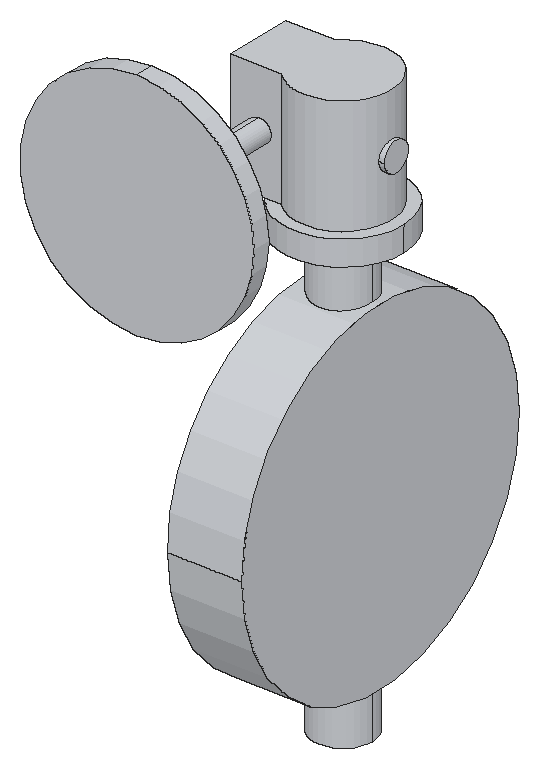
Revit family "HS497-68_disk-nerez_převodové kolo DN500-RFA_2018", category Pipe Accessories, Revit 2018
Family settings
  Round Connector Dimension = Use Diameter
  Part Type = Valve - Breaks Into
  Work Plane-Based = No
  Always vertical = Yes
  Cut with Voids When Loaded = No
  Shared = No
Parameters (values of type "HS 497-68_DN500_PN10_převodové kolo")
  magiProductId = "7647804f32e94cef828a7034a91a46"
  magiProductFamilyId = "53cea81e6f374d17b8841d9c72ad77"
  magiPartTypeId = 305
  isMeasuringValve [instance] = no
  ang2D [instance] = 0.00°
  X11 = 143.397 mm
  X1 = 59.397 mm
  W2D = 1000 mm
  VersionID = "2.0/2017.9.26.1/ZETKAMA_497_001"
  Use Minimum Symbol Size [instance] = yes
  URL = "http://www.hydronic.cz"
  Type Comments = "mezipřírubová; nerezový disk; PN10; -10~+110°C (krátkodobě +120°C)"
  SW30 = yes
  SW3 = yes
  SW21 = no
  SW20 = no
  SW2 = no
  SW1 = no
  R = 250 mm
  QmdConnectorList = "301;D;302;D"
  Productdata [instance] = ""
  NC = 91.5 mm
  Manufacturer = "Zetkama"
  MM20 = 59.397 mm
  MC Product Code = "126 500 (nerezový disk, s převodovým kolem; DN500; PN10, kvs23805)"
  M41 = 144.75 mm
  M4 = 96.5 mm
  LHL = 220 mm
  LHH3 = 2.45 mm
  LHH1 = 46.55 mm
  LH1 = 73.333 mm
  L4R__ve = -L4R  # -32.1 mm
  L4R = 32.1 mm
  L42__ve = -L42  # -240.75 mm
  L42 = 240.75 mm
  L41__ve = -L41  # -48.15 mm
  L41 = 48.15 mm
  L2D_Min = 3048 mm
  L2D = 216 mm
  L2 = 63.5 mm
  L1 = 101.6 mm
  L = 127 mm
  H = 38 mm
  G22 = 11.25 mm
  G2 = 22.5 mm
  G1 = 90 mm
  G = 210 mm
  F = 36 mm
  E44 = 100 mm
  E42 = 200 mm
  E4 = 400 mm
  E23 = 4.9 mm
  E22 = 19.6 mm
  E21 = 9.8 mm
  Description = "Mezipřírubová uzavírací klapka s převodovým kolem; nerezový disk, DN500; PN10; kvs23805"
  DR2 = 250 mm
  DR = 593 mm
  DD1 = 50 mm
  DD = 40 mm
  D = 500 mm
  CAT0 = yes
  B2__ve = -B2  # -130 mm
  B2 = 130 mm
  A2 = 43.25 mm
  A1 = 139.25 mm
Types (43, lengths in mm): name | magiProductId | X11 | X1 | Type Comments | SW30 | SW3 | SW20 | SW2 | SW1 | R | NC | Manufacturer | MM20 | MC Product Code | M41 | M4 | LHL | LHH3 | LHH1 | LH1 | L4R__ve | L4R | L42__ve | L42 | L41__ve | L41 | L2 | L1 | L | H | G | F | E44 | E42 | E4 | E23 | E22 | E21 | Description | DR2 | DR | DD1 | DD | D | B2__ve | B2 | A2 | A1
  HS 497-68_DN100_PN16_volné vřeteno | "65d1b245f4f142c78569c0602d5754" | 61.456 | 25.456 | "mezipřírubová; nerezový disk; PN16; -10~+110°C (krátkodobě +120°C)" | no | no | no | no | yes | 50 | 50 | "Hydronic Systems Prague s.r.o." | 25.456 | "124 100 (nerezový disk, s volným vřetenem; DN100; PN16, kvs512)" | 66 | 44 | 220 | 2.45 | 46.55 | 73.333 | -12.8 | 12.8 | -96 | 96 | -19.2 | 19.2 | 26 | 41.6 | 52 | 30 | 90 | 11 | 31.25 | 62.5 | 125 | 4.9 | 19.6 | 9.8 | "Mezipřírubová uzavírací klapka s volným vřetenem; nerezový disk, DN100; PN16; kvs512" | 50 | 147 | 15.625 | 12.5 | 100 | -56 | 56 | 16.5 | 98.5
  HS 497-68_DN100_PN16_převodové kolo | "11e91b807e674d428c8e796fcdcfe2" | 61.456 | 25.456 | "mezipřírubová; nerezový disk; PN16; -10~+110°C (krátkodobě +120°C)" | yes | yes | no | no | no | 50 | 50 | "Hydronic Systems Prague s.r.o." | 25.456 | "126 100 (nerezový disk, s převodovým kolem; DN100; PN16, kvs512)" | 65.25 | 43.5 | 220 | 2.45 | 46.55 | 73.333 | -12.8 | 12.8 | -96 | 96 | -19.2 | 19.2 | 26 | 41.6 | 52 | 30 | 90 | 11 | 31.25 | 62.5 | 125 | 4.9 | 19.6 | 9.8 | "Mezipřírubová uzavírací klapka s převodovým kolem; nerezový disk, DN100; PN16; kvs512" | 50 | 147 | 15.625 | 12.5 | 100 | -56 | 56 | 16.5 | 98.5
  HS 497-68_DN100_PN16_s pákou | "28172f0b3f4b47b28323ac71cf8749" | 61.456 | 25.456 | "mezipřírubová; nerezový disk; PN16; -10~+110°C (krátkodobě +120°C)" | no | no | yes | yes | no | 50 | 50 | "Hydronic Systems Prague s.r.o." | 25.456 | "121 100 (nerezový disk, s pákou; DN100; PN16, kvs512)" | 66 | 44 | 260 | 3 | 57 | 86.667 | -12.8 | 12.8 | -96 | 96 | -19.2 | 19.2 | 26 | 41.6 | 52 | 30 | 90 | 11 | 31.25 | 62.5 | 125 | 6 | 24 | 12 | "Mezipřírubová uzavírací klapka s pákou; nerezový disk, DN100; PN16; kvs512" | 50 | 147 | 15.625 | 12.5 | 100 | -56 | 56 | 16.5 | 98.5
  HS 497-68_DN125_PN16_volné vřeteno | "0d813d910fc14f628bb3c2efbd185c" | 61.456 | 25.456 | "mezipřírubová; nerezový disk; PN16; -10~+110°C (krátkodobě +120°C)" | no | no | no | no | yes | 62.5 | 50 | "Hydronic Systems Prague s.r.o." | 25.456 | "124 125 (nerezový disk, s volným vřetenem; DN125; PN16, kvs872)" | 66 | 44 | 220 | 2.45 | 46.55 | 73.333 | -12.8 | 12.8 | -96 | 96 | -19.2 | 19.2 | 28 | 44.8 | 56 | 33 | 90 | 14 | 31.25 | 62.5 | 125 | 4.9 | 19.6 | 9.8 | "Mezipřírubová uzavírací klapka s volným vřetenem; nerezový disk, DN125; PN16; kvs872" | 62.5 | 180 | 15.625 | 12.5 | 125 | -64 | 64 | 18 | 99.5
  HS 497-68_DN125_PN16_převodové kolo | "c56b7c13f372467684996fb1e0e229" | 61.456 | 25.456 | "mezipřírubová; nerezový disk; PN16; -10~+110°C (krátkodobě +120°C)" | yes | yes | no | no | no | 62.5 | 50 | "Hydronic Systems Prague s.r.o." | 25.456 | "126125 (nerezový disk, s převodovým kolem; DN125; PN16, kvs872)" | 65.25 | 43.5 | 220 | 2.45 | 46.55 | 73.333 | -13.5 | 13.5 | -101.25 | 101.25 | -20.25 | 20.25 | 28 | 44.8 | 56 | 33 | 90 | 14 | 40 | 80 | 160 | 4.9 | 19.6 | 9.8 | "Mezipřírubová uzavírací klapka s převodovým kolem; nerezový disk, DN125; PN16; kvs872" | 62.5 | 180 | 20 | 16 | 125 | -64 | 64 | 18 | 99.5
  HS 497-68_DN125_PN16_s pákou | "105993c79a91492399feef7931321a" | 61.456 | 25.456 | "mezipřírubová; nerezový disk; PN16; -10~+110°C (krátkodobě +120°C)" | no | no | yes | yes | no | 62.5 | 50 | "Hydronic Systems Prague s.r.o." | 25.456 | "121 125 (nerezový disk, s pákou; DN125; PN16, kvs872)" | 66 | 44 | 315 | 3.75 | 71.25 | 105 | -12.8 | 12.8 | -96 | 96 | -19.2 | 19.2 | 28 | 44.8 | 56 | 33 | 90 | 14 | 31.25 | 62.5 | 125 | 7.5 | 30 | 15 | "Mezipřírubová uzavírací klapka s pákou; nerezový disk, DN125; PN16; kvs872" | 62.5 | 180 | 15.625 | 12.5 | 125 | -64 | 64 | 18 | 99.5
  HS 497-68_DN150_PN16_volné vřeteno | "50c80cb8ab434f55ab7796e5ac1331" | 61.456 | 25.456 | "mezipřírubová; nerezový disk; PN16; -10~+110°C (krátkodobě +120°C)" | no | no | no | no | yes | 75 | 50 | "Hydronic Systems Prague s.r.o." | 25.456 | "124 150 (nerezový disk, s volným vřetenem; DN150; PN16, kvs1347)" | 66 | 44 | 220 | 2.45 | 46.55 | 73.333 | -12.8 | 12.8 | -96 | 96 | -19.2 | 19.2 | 28 | 44.8 | 56 | 33 | 90 | 14 | 31.25 | 62.5 | 125 | 4.9 | 19.6 | 9.8 | "Mezipřírubová uzavírací klapka s volným vřetenem; nerezový disk, DN150; PN16; kvs1347" | 75 | 206 | 15.625 | 12.5 | 150 | -58 | 58 | 19.3 | 98.7
  HS 497-68_DN150_PN16_převodové kolo | "d94a1a0cf83b476eb10011b327f709" | 61.456 | 25.456 | "mezipřírubová; nerezový disk; PN16; -10~+110°C (krátkodobě +120°C)" | yes | yes | no | no | no | 75 | 50 | "Hydronic Systems Prague s.r.o." | 25.456 | "126 150 (nerezový disk, s převodovým kolem; DN150; PN16, kvs1347)" | 65.25 | 43.5 | 220 | 2.45 | 46.55 | 73.333 | -13.5 | 13.5 | -101.25 | 101.25 | -20.25 | 20.25 | 28 | 44.8 | 56 | 33 | 90 | 14 | 40 | 80 | 160 | 4.9 | 19.6 | 9.8 | "Mezipřírubová uzavírací klapka s převodovým kolem; nerezový disk, DN150; PN16; kvs1347" | 75 | 206 | 20 | 16 | 150 | -58 | 58 | 19.3 | 98.7
  HS 497-68_DN150_PN16_s pákou | "4d2835523fe84828bc50ff0a5a0dfb" | 61.456 | 25.456 | "mezipřírubová; nerezový disk; PN16; -10~+110°C (krátkodobě +120°C)" | no | no | yes | yes | no | 75 | 50 | "Hydronic Systems Prague s.r.o." | 25.456 | "121 150 (nerezový disk, s pákou; DN150; PN16, kvs1347)" | 66 | 44 | 315 | 3.75 | 71.25 | 105 | -12.8 | 12.8 | -96 | 96 | -19.2 | 19.2 | 28 | 44.8 | 56 | 33 | 90 | 14 | 31.25 | 62.5 | 125 | 7.5 | 30 | 15 | "Mezipřírubová uzavírací klapka s pákou; nerezový disk, DN150; PN16; kvs1347" | 75 | 206 | 15.625 | 12.5 | 150 | -58 | 58 | 19.3 | 98.7
  HS 497-68_DN200_PN16_volné vřeteno | "5b29029eaeba47139ee1055a4b9201" | 61.456 | 25.456 | "mezipřírubová; nerezový disk; PN16; -10~+110°C (krátkodobě +120°C)" | no | no | no | no | yes | 100 | 50 | "Hydronic Systems Prague s.r.o." | 25.456 | "124 200 (nerezový disk, s volným vřetenem; DN200; PN16, kvs2675)" | 66 | 44 | 220 | 2.45 | 46.55 | 73.333 | -12.8 | 12.8 | -96 | 96 | -19.2 | 19.2 | 30 | 48 | 60 | 33 | 90 | 17 | 31.25 | 62.5 | 125 | 4.9 | 19.6 | 9.8 | "Mezipřírubová uzavírací klapka s volným vřetenem; nerezový disk, DN200; PN16; kvs2675" | 100 | 257 | 15.625 | 12.5 | 200 | -70 | 70 | 22.5 | 102.5
  HS 497-68_DN200_PN16_převodové kolo | "b2793cc1fcc44cf2a35062cd67c04f" | 61.456 | 25.456 | "mezipřírubová; nerezový disk; PN16; -10~+110°C (krátkodobě +120°C)" | yes | yes | no | no | no | 100 | 57 | "Hydronic Systems Prague s.r.o." | 25.456 | "126 200 (nerezový disk, s převodovým kolem; DN200; PN16, kvs2675)" | 78.75 | 52.5 | 220 | 2.45 | 46.55 | 73.333 | -15.2 | 15.2 | -114 | 114 | -22.8 | 22.8 | 30 | 48 | 60 | 33 | 90 | 17 | 50 | 100 | 200 | 4.9 | 19.6 | 9.8 | "Mezipřírubová uzavírací klapka s převodovým kolem; nerezový disk, DN200; PN16; kvs2675" | 100 | 257 | 25 | 20 | 200 | -70 | 70 | 22.5 | 102.5
  HS 497-68_DN200_PN16_s pákou | "f88d96c7af224537a51e72d7d8fffe" | 61.456 | 25.456 | "mezipřírubová; nerezový disk; PN16; -10~+110°C (krátkodobě +120°C)" | no | no | yes | yes | no | 100 | 50 | "Hydronic Systems Prague s.r.o." | 25.456 | "121 200 (nerezový disk, s pákou; DN200; PN16, kvs2675)" | 66 | 44 | 315 | 3.75 | 71.25 | 105 | -12.8 | 12.8 | -96 | 96 | -19.2 | 19.2 | 30 | 48 | 60 | 33 | 90 | 17 | 31.25 | 62.5 | 125 | 7.5 | 30 | 15 | "Mezipřírubová uzavírací klapka s pákou; nerezový disk, DN200; PN16; kvs2675" | 100 | 257 | 15.625 | 12.5 | 200 | -70 | 70 | 22.5 | 102.5
  HS 497-68_DN250_PN16_volné vřeteno | "b662e8305ca2402b9c510e66e6aa55" | 88.77 | 36.77 | "mezipřírubová; nerezový disk; PN16; -10~+110°C (krátkodobě +120°C)" | no | no | no | no | yes | 125 | 50 | "Hydronic Systems Prague s.r.o." | 36.77 | "124 250 (nerezový disk, s volným vřetenem; DN250; PN16, kvs4555)" | 66 | 44 | 220 | 2.45 | 46.55 | 73.333 | -12.8 | 12.8 | -96 | 96 | -19.2 | 19.2 | 34 | 54.4 | 68 | 23 | 130 | 22 | 31.25 | 62.5 | 125 | 4.9 | 19.6 | 9.8 | "Mezipřírubová uzavírací klapka s volným vřetenem; nerezový disk, DN250; PN16; kvs4555" | 125 | 324 | 15.625 | 12.5 | 250 | -85 | 85 | 28.25 | 129.25
  HS 497-68_DN250_PN16_převodové kolo | "5ee9016806664ddfaa2632711f295c" | 88.77 | 36.77 | "mezipřírubová; nerezový disk; PN16; -10~+110°C (krátkodobě +120°C)" | yes | yes | no | no | no | 125 | 70 | "Hydronic Systems Prague s.r.o." | 36.77 | "126 250 (nerezový disk, s převodovým kolem; DN250; PN16, kvs4555)" | 91.5 | 61 | 220 | 2.45 | 46.55 | 73.333 | -22.2 | 22.2 | -166.5 | 166.5 | -33.3 | 33.3 | 34 | 54.4 | 68 | 23 | 130 | 22 | 62.5 | 125 | 250 | 4.9 | 19.6 | 9.8 | "Mezipřírubová uzavírací klapka s převodovým kolem; nerezový disk, DN250; PN16; kvs4555" | 125 | 324 | 31.25 | 25 | 250 | -85 | 85 | 28.25 | 129.25
  HS 497-68_DN300_PN16_volné vřeteno | "e1886f51ff004380a649519258edf2" | 88.77 | 36.77 | "mezipřírubová; nerezový disk; PN16; -10~+110°C (krátkodobě +120°C)" | no | no | no | no | yes | 150 | 50 | "Hydronic Systems Prague s.r.o." | 36.77 | "124 300 (nerezový disk, s volným vřetenem; DN300; PN16, kvs7037)" | 66 | 44 | 220 | 2.45 | 46.55 | 73.333 | -12.8 | 12.8 | -96 | 96 | -19.2 | 19.2 | 39 | 62.4 | 78 | 23 | 130 | 22 | 31.25 | 62.5 | 125 | 4.9 | 19.6 | 9.8 | "Mezipřírubová uzavírací klapka s volným vřetenem; nerezový disk, DN300; PN16; kvs7037" | 150 | 376 | 15.625 | 12.5 | 300 | -90 | 90 | 30.8 | 127.2
  HS 497-68_DN300_PN16_převodové kolo | "6860f094f77d42088fbebc3c97f755" | 88.77 | 36.77 | "mezipřírubová; nerezový disk; PN16; -10~+110°C (krátkodobě +120°C)" | yes | yes | no | no | no | 150 | 70 | "Hydronic Systems Prague s.r.o." | 36.77 | "126 300 (nerezový disk, s převodovým kolem; DN300; PN16, kvs7037)" | 91.5 | 61 | 220 | 2.45 | 46.55 | 73.333 | -22.2 | 22.2 | -166.5 | 166.5 | -33.3 | 33.3 | 39 | 62.4 | 78 | 23 | 130 | 22 | 62.5 | 125 | 250 | 4.9 | 19.6 | 9.8 | "Mezipřírubová uzavírací klapka s převodovým kolem; nerezový disk, DN300; PN16; kvs7037" | 150 | 376 | 31.25 | 25 | 300 | -90 | 90 | 30.8 | 127.2
  HS 497-68_DN032_PN16_volné vřeteno | "8c5f65de52aa4067a77564107e31b2" | 61.456 | 25.456 | "mezipřírubová; nerezový disk; PN16; -10~+110°C (krátkodobě +120°C)" | no | no | no | no | yes | 16 | 50 | "Hydronic Systems Prague s.r.o." | 25.456 | "124 032 (nerezový disk, s volným vřetenem; DN32; PN16, kvs78)" | 66 | 44 | 220 | 2.45 | 46.55 | 73.333 | -12.8 | 12.8 | -96 | 96 | -19.2 | 19.2 | 16.5 | 26.4 | 33 | 30 | 90 | 11 | 31.25 | 62.5 | 125 | 4.9 | 19.6 | 9.8 | "Mezipřírubová uzavírací klapka s volným vřetenem; nerezový disk, DN32; PN16; kvs78" | 16 | 68 | 15.625 | 12.5 | 32 | -44.2 | 44.2 | 10.25 | 76.25
  HS 497-68_DN032_PN16_převodové kolo | "60aaeffa8b3a4e809ef000e4660060" | 61.456 | 25.456 | "mezipřírubová; nerezový disk; PN16; -10~+110°C (krátkodobě +120°C)" | yes | yes | no | no | no | 16 | 50 | "Hydronic Systems Prague s.r.o." | 25.456 | "126 032 (nerezový disk, s převodovým kolem; DN32; PN16, kvs78)" | 65.25 | 43.5 | 220 | 2.45 | 46.55 | 73.333 | -12.8 | 12.8 | -96 | 96 | -19.2 | 19.2 | 16.5 | 26.4 | 33 | 30 | 90 | 11 | 31.25 | 62.5 | 125 | 4.9 | 19.6 | 9.8 | "Mezipřírubová uzavírací klapka s převodovým kolem; nerezový disk, DN32; PN16; kvs78" | 16 | 68 | 15.625 | 12.5 | 32 | -44.2 | 44.2 | 10.25 | 76.25
  HS 497-68_DN032_PN16_s pákou | "9ad8088d610749a1b871aa2aad8007" | 61.456 | 25.456 | "mezipřírubová; nerezový disk; PN16; -10~+110°C (krátkodobě +120°C)" | no | no | yes | yes | no | 16 | 50 | "Hydronic Systems Prague s.r.o." | 25.456 | "121 032 (nerezový disk, s pákou; DN32; PN16, kvs78)" | 66 | 44 | 220 | 2.45 | 46.55 | 73.333 | -12.8 | 12.8 | -96 | 96 | -19.2 | 19.2 | 16.5 | 26.4 | 33 | 30 | 90 | 11 | 31.25 | 62.5 | 125 | 4.9 | 19.6 | 9.8 | "Mezipřírubová uzavírací klapka s pákou; nerezový disk, DN32; PN16; kvs78" | 16 | 68 | 15.625 | 12.5 | 32 | -44.2 | 44.2 | 10.25 | 76.25
  HS 497-68_DN350_PN10_volné vřeteno | "72a1e05f22944421b7e9596a877137" | 109.255 | 45.255 | "mezipřírubová; nerezový disk; PN10; -10~+110°C (krátkodobě +120°C)" | no | no | no | no | yes | 175 | 50 | "Hydronic Systems Prague s.r.o." | 45.255 | "124 350 (nerezový disk, s volným vřetenem; DN350; PN10, kvs10165)" | 66 | 44 | 220 | 2.45 | 46.55 | 73.333 | -12.8 | 12.8 | -96 | 96 | -19.2 | 19.2 | 39 | 62.4 | 78 | 31 | 160 | 22 | 31.25 | 62.5 | 125 | 4.9 | 19.6 | 9.8 | "Mezipřírubová uzavírací klapka s volným vřetenem; nerezový disk, DN350; PN10; kvs10165" | 175 | 430 | 15.625 | 12.5 | 350 | -88 | 88 | 33.85 | 129.65
  HS 497-68_DN350_PN10_převodové kolo | "a5a01426cb28494ba3afca92f1dace" | 109.255 | 45.255 | "mezipřírubová; nerezový disk; PN10; -10~+110°C (krátkodobě +120°C)" | yes | yes | no | no | no | 175 | 70 | "Hydronic Systems Prague s.r.o." | 45.255 | "126 350 (nerezový disk, s převodovým kolem; DN350; PN10, kvs10165)" | 91.5 | 61 | 220 | 2.45 | 46.55 | 73.333 | -22.2 | 22.2 | -166.5 | 166.5 | -33.3 | 33.3 | 39 | 62.4 | 78 | 31 | 160 | 22 | 62.5 | 125 | 250 | 4.9 | 19.6 | 9.8 | "Mezipřírubová uzavírací klapka s převodovým kolem; nerezový disk, DN350; PN10; kvs10165" | 175 | 430 | 31.25 | 25 | 350 | -88 | 88 | 33.85 | 129.65
  HS 497-68_DN400_PN10_volné vřeteno | "c70ebeb927c04ab99b176e257ad0a7" | 109.255 | 45.255 | "mezipřírubová; nerezový disk; PN10; -10~+110°C (krátkodobě +120°C)" | no | no | no | no | yes | 200 | 50 | "Hydronic Systems Prague s.r.o." | 45.255 | "124 400 (nerezový disk, s volným vřetenem; DN400; PN10, kvs13799)" | 66 | 44 | 220 | 2.45 | 46.55 | 73.333 | -12.8 | 12.8 | -96 | 96 | -19.2 | 19.2 | 51 | 81.6 | 102 | 31 | 160 | 27 | 31.25 | 62.5 | 125 | 4.9 | 19.6 | 9.8 | "Mezipřírubová uzavírací klapka s volným vřetenem; nerezový disk, DN400; PN10; kvs13799" | 200 | 485 | 15.625 | 12.5 | 400 | -108 | 108 | 38 | 142
  HS 497-68_DN400_PN10_převodové kolo | "cc64a4384dcb41b780d81810f4f293" | 109.255 | 45.255 | "mezipřírubová; nerezový disk; PN10; -10~+110°C (krátkodobě +120°C)" | yes | yes | no | no | no | 200 | 72.5 | "Hydronic Systems Prague s.r.o." | 45.255 | "126 400 (nerezový disk, s převodovým kolem; DN400; PN10, kvs13799)" | 103.5 | 69 | 220 | 2.45 | 46.55 | 73.333 | -27.8 | 27.8 | -208.5 | 208.5 | -41.7 | 41.7 | 51 | 81.6 | 102 | 31 | 160 | 27 | 75 | 150 | 300 | 4.9 | 19.6 | 9.8 | "Mezipřírubová uzavírací klapka s převodovým kolem; nerezový disk, DN400; PN10; kvs13799" | 200 | 485 | 37.5 | 30 | 400 | -108 | 108 | 38 | 142
  HS 497-68_DN040_PN16_volné vřeteno | "35f92312390745e88df5b5c325d9ee" | 61.456 | 25.456 | "mezipřírubová; nerezový disk; PN16; -10~+110°C (krátkodobě +120°C)" | no | no | no | no | yes | 20 | 50 | "Hydronic Systems Prague s.r.o." | 25.456 | "124 040 (nerezový disk, s volným vřetenem; DN40; PN16, kvs78)" | 66 | 44 | 220 | 2.45 | 46.55 | 73.333 | -12.8 | 12.8 | -96 | 96 | -19.2 | 19.2 | 16.5 | 26.4 | 33 | 30 | 90 | 11 | 31.25 | 62.5 | 125 | 4.9 | 19.6 | 9.8 | "Mezipřírubová uzavírací klapka s volným vřetenem; nerezový disk, DN40; PN16; kvs78" | 20 | 76 | 15.625 | 12.5 | 40 | -36 | 36 | 11 | 79
  HS 497-68_DN040_PN16_převodové kolo | "d88e968eae3445bc9b7b4e6ff35127" | 61.456 | 25.456 | "mezipřírubová; nerezový disk; PN16; -10~+110°C (krátkodobě +120°C)" | yes | yes | no | no | no | 20 | 50 | "Hydronic Systems Prague s.r.o." | 25.456 | "126 040 (nerezový disk, s převodovým kolem; DN40; PN16, kvs78)" | 65.25 | 43.5 | 220 | 2.45 | 46.55 | 73.333 | -12.8 | 12.8 | -96 | 96 | -19.2 | 19.2 | 16.5 | 26.4 | 33 | 30 | 90 | 11 | 31.25 | 62.5 | 125 | 4.9 | 19.6 | 9.8 | "Mezipřírubová uzavírací klapka s převodovým kolem; nerezový disk, DN40; PN16; kvs78" | 20 | 76 | 15.625 | 12.5 | 40 | -36 | 36 | 11 | 79
  HS 497-68_DN040_PN16_s pákou | "c1b522ca65b4407a98818f232eaacb" | 61.456 | 25.456 | "mezipřírubová; nerezový disk; PN16; -10~+110°C (krátkodobě +120°C)" | no | no | yes | yes | no | 20 | 50 | "Hydronic Systems Prague s.r.o." | 25.456 | "121 040 (nerezový disk, s pákou; DN40; PN16, kvs78)" | 66 | 44 | 220 | 2.45 | 46.55 | 73.333 | -12.8 | 12.8 | -96 | 96 | -19.2 | 19.2 | 16.5 | 26.4 | 33 | 30 | 90 | 11 | 31.25 | 62.5 | 125 | 4.9 | 19.6 | 9.8 | "Mezipřírubová uzavírací klapka s pákou; nerezový disk, DN40; PN16; kvs78" | 20 | 76 | 15.625 | 12.5 | 40 | -36 | 36 | 11 | 79
  HS 497-68_DN450_PN10_volné vřeteno | "a8358bc282f14872b3194e530e590a" | 129.74 | 53.74 | "mezipřírubová; nerezový disk; PN10; -10~+110°C (krátkodobě +120°C)" | no | no | no | no | yes | 225 | 50 | "Hydronic Systems Prague s.r.o." | 53.74 | "124 450 (nerezový disk, s volným vřetenem; DN450; PN10, kvs18514)" | 66 | 44 | 220 | 2.45 | 46.55 | 73.333 | -12.8 | 12.8 | -96 | 96 | -19.2 | 19.2 | 57 | 91.2 | 114 | 38 | 190 | 36 | 31.25 | 62.5 | 125 | 4.9 | 19.6 | 9.8 | "Mezipřírubová uzavírací klapka s volným vřetenem; nerezový, DN450; PN10; kvs18514" | 225 | 536 | 15.625 | 12.5 | 450 | -115 | 115 | 38.05 | 117.45
  HS 497-68_DN450_PN10_převodové kolo | "cdf2d80f54a9414f9cbe50647c0ebd" | 129.74 | 53.74 | "mezipřírubová; nerezový disk; PN10; -10~+110°C (krátkodobě +120°C)" | yes | yes | no | no | no | 225 | 91.5 | "Zetkama" | 53.74 | "126 450 (nerezový disk, s převodovým kolem; DN450; PN10, kvs18514)" | 144.75 | 96.5 | 220 | 2.45 | 46.55 | 73.333 | -32.1 | 32.1 | -240.75 | 240.75 | -48.15 | 48.15 | 57 | 91.2 | 114 | 38 | 190 | 36 | 100 | 200 | 400 | 4.9 | 19.6 | 9.8 | "Mezipřírubová uzavírací klapka s převodovým kolem; nerezový disk, DN450; PN10; kvs18514" | 225 | 536 | 50 | 40 | 450 | -115 | 115 | 38.05 | 117.45
  HS 497-68_DN500_PN10_volné vřeteno | "8c396e27bb2743f98f3c762b6517cd" | 143.397 | 59.397 | "mezipřírubová; nerezový disk; PN10; -10~+110°C (krátkodobě +120°C)" | no | no | no | no | yes | 250 | 50 | "Hydronic Systems Prague s.r.o." | 59.397 | "124 500 (nerezový disk, s volným vřetenem; DN500; PN10, kvs23805)" | 66 | 44 | 220 | 2.45 | 46.55 | 73.333 | -12.8 | 12.8 | -96 | 96 | -19.2 | 19.2 | 63.5 | 101.6 | 127 | 38 | 210 | 36 | 31.25 | 62.5 | 125 | 4.9 | 19.6 | 9.8 | "Mezipřírubová uzavírací klapka s volným vřetenem; nerezový disk, DN500; PN10; kvs23805" | 250 | 593 | 15.625 | 12.5 | 500 | -130 | 130 | 43.25 | 139.25
  HS 497-68_DN500_PN10_převodové kolo | "7647804f32e94cef828a7034a91a46" | 143.397 | 59.397 | "mezipřírubová; nerezový disk; PN10; -10~+110°C (krátkodobě +120°C)" | yes | yes | no | no | no | 250 | 91.5 | "Zetkama" | 59.397 | "126 500 (nerezový disk, s převodovým kolem; DN500; PN10, kvs23805)" | 144.75 | 96.5 | 220 | 2.45 | 46.55 | 73.333 | -32.1 | 32.1 | -240.75 | 240.75 | -48.15 | 48.15 | 63.5 | 101.6 | 127 | 38 | 210 | 36 | 100 | 200 | 400 | 4.9 | 19.6 | 9.8 | "Mezipřírubová uzavírací klapka s převodovým kolem; nerezový disk, DN500; PN10; kvs23805" | 250 | 593 | 50 | 40 | 500 | -130 | 130 | 43.25 | 139.25
  HS 497-68_DN050_volné vřeteno | "d71f296ecd6d4adf8f6e5d9853b4e0" | 61.456 | 25.456 | "mezipřírubová; nerezový disk; PN16; -10~+110°C (krátkodobě +120°C)" | no | no | no | no | yes | 25 | 50 | "Hydronic Systems Prague s.r.o." | 25.456 | "124 050 (nerezový disk, s volným vřetenem; DN50; PN16, kvs98)" | 66 | 44 | 220 | 2.45 | 46.55 | 73.333 | -12.8 | 12.8 | -96 | 96 | -19.2 | 19.2 | 21.5 | 34.4 | 43 | 30 | 90 | 11 | 31.25 | 62.5 | 125 | 4.9 | 19.6 | 9.8 | "Mezipřírubová uzavírací klapka s volným vřetenem; nerezový disk, DN50; PN16; kvs98" | 25 | 100 | 15.625 | 12.5 | 50 | -36.5 | 36.5 | 12 | 83
  HS 497-68_DN050_PN16_převodové kolo | "2fb080deeaed49c58418b94c1da5a4" | 61.456 | 25.456 | "mezipřírubová; nerezový disk; PN16; -10~+110°C (krátkodobě +120°C)" | yes | yes | no | no | no | 25 | 50 | "Hydronic Systems Prague s.r.o." | 25.456 | "126 050 (nerezový disk, s převodovým kolem; DN50; PN16, kvs98)" | 65.25 | 43.5 | 220 | 2.45 | 46.55 | 73.333 | -12.8 | 12.8 | -96 | 96 | -19.2 | 19.2 | 21.5 | 34.4 | 43 | 30 | 90 | 11 | 31.25 | 62.5 | 125 | 4.9 | 19.6 | 9.8 | "Mezipřírubová uzavírací klapka s převodovým kolem; nerezový disk, DN50; PN16; kvs98" | 25 | 100 | 15.625 | 12.5 | 50 | -36.5 | 36.5 | 12 | 83
  HS 497-68_DN050_PN16_s pákou | "dabc632061f94877a994b9b4e68112" | 61.456 | 25.456 | "mezipřírubová; nerezový disk; PN16; -10~+110°C (krátkodobě +120°C)" | no | no | yes | yes | no | 25 | 50 | "Hydronic Systems Prague s.r.o." | 25.456 | "121 050 (nerezový disk, s pákou; DN50; PN16, kvs98)" | 66 | 44 | 220 | 2.45 | 46.55 | 73.333 | -12.8 | 12.8 | -96 | 96 | -19.2 | 19.2 | 21.5 | 34.4 | 43 | 30 | 90 | 11 | 31.25 | 62.5 | 125 | 4.9 | 19.6 | 9.8 | "Mezipřírubová uzavírací klapka s pákou; nerezový disk, DN50; PN16; kvs98" | 25 | 100 | 15.625 | 12.5 | 50 | -36.5 | 36.5 | 12 | 83
  HS 497-68_DN600_PN10_volné vřeteno | "99d5892c14664fce81a7c5903f7711" | 143.397 | 59.397 | "mezipřírubová; nerezový disk; PN10; -10~+110°C (krátkodobě +120°C)" | no | no | no | no | yes | 300 | 50 | "Hydronic Systems Prague s.r.o." | 59.397 | "124 600 (nerezový disk, s volným vřetenem; DN600; PN10, kvs36778)" | 66 | 44 | 220 | 2.45 | 46.55 | 73.333 | -12.8 | 12.8 | -96 | 96 | -19.2 | 19.2 | 77 | 123.2 | 154 | 80 | 210 | 60 | 31.25 | 62.5 | 125 | 4.9 | 19.6 | 9.8 | "Mezipřírubová uzavírací klapka s volným vřetenem; nerezový disk, DN600; PN10; kvs36788" | 300 | 690 | 15.625 | 12.5 | 600 | -140 | 140 | 49.4 | 144.6
  HS 497-68_DN600_PN10_převodové kolo | "b1e26faab48a4c499f6bb11e7e3002" | 143.397 | 59.397 | "mezipřírubová; lnerezový disk; PN10; -10~+110°C (krátkodobě +120°C)" | yes | yes | no | no | no | 300 | 140 | "Hydronic Systems Prague s.r.o." | 59.397 | "126 600 (nerezový disk, s převodovým kolem; DN600; PN10, kvs36778)" | 206.25 | 137.5 | 220 | 2.45 | 46.55 | 73.333 | -40.8 | 40.8 | -306 | 306 | -61.2 | 61.2 | 77 | 123.2 | 154 | 80 | 210 | 60 | 125 | 250 | 500 | 4.9 | 19.6 | 9.8 | "Mezipřírubová uzavírací klapka s převodovým kolem; nerezový disk, DN600; PN10; kvs36788" | 300 | 690 | 62.5 | 50 | 600 | -140 | 140 | 49.4 | 144.6
  HS 497-68_DN065_PN16_volné vřeteno | "5e5e208646e34ec29f889baab5d08e" | 61.456 | 25.456 | "mezipřírubová; lnerezový disk; PN16; -10~+110°C (krátkodobě +120°C)" | no | no | no | no | yes | 32.5 | 50 | "Hydronic Systems Prague s.r.o." | 25.456 | "124 065 (nerezový disk, s volným vřetenem; DN65; PN16, kvs167)" | 66 | 44 | 220 | 2.45 | 46.55 | 73.333 | -12.8 | 12.8 | -96 | 96 | -19.2 | 19.2 | 23 | 36.8 | 46 | 30 | 90 | 11 | 31.25 | 62.5 | 125 | 4.9 | 19.6 | 9.8 | "Mezipřírubová uzavírací klapka s volným vřetenem; nerezový disk, DN65; PN16; kv167" | 32.5 | 108 | 15.625 | 12.5 | 65 | -36.5 | 36.5 | 13.5 | 89
  HS 497-68_DN065_PN16_převodové kolo | "654d74c8d15540b0bfe523d988ccb3" | 61.456 | 25.456 | "mezipřírubová; nerezový disk; PN16; -10~+110°C (krátkodobě +120°C)" | yes | yes | no | no | no | 32.5 | 50 | "Hydronic Systems Prague s.r.o." | 25.456 | "126 065 (nerezový disk, s převodovým kolem; DN65; PN16, kvs167)" | 65.25 | 43.5 | 220 | 2.45 | 46.55 | 73.333 | -12.8 | 12.8 | -96 | 96 | -19.2 | 19.2 | 23 | 36.8 | 46 | 30 | 90 | 11 | 31.25 | 62.5 | 125 | 4.9 | 19.6 | 9.8 | "Mezipřírubová uzavírací klapka s převodovým kolem; nerezový disk, DN65; PN16; kvs167" | 32.5 | 108 | 15.625 | 12.5 | 65 | -36.5 | 36.5 | 13.5 | 89
  HS 497-68_DN065_PN16_s pákou | "ebeb4b59db0641caaf6d6635ab37b9" | 61.456 | 25.456 | "mezipřírubová; nerezový disk; PN16; -10~+110°C (krátkodobě +120°C)" | no | no | yes | yes | no | 32.5 | 50 | "Hydronic Systems Prague s.r.o." | 25.456 | "121 065 (nerezový disk, s pákou; DN65; PN16, kvs167)" | 66 | 44 | 220 | 2.45 | 46.55 | 73.333 | -12.8 | 12.8 | -96 | 96 | -19.2 | 19.2 | 23 | 36.8 | 46 | 30 | 90 | 11 | 31.25 | 62.5 | 125 | 4.9 | 19.6 | 9.8 | "Mezipřírubová uzavírací klapka s pákou; nerezový disk, DN65; PN16; kvs167" | 32.5 | 108 | 15.625 | 12.5 | 65 | -36.5 | 36.5 | 13.5 | 89
  HS 497-68_DN080_PN16_volné vřeteno | "9e85c75c18654e1185a9c48ed6b00e" | 61.456 | 25.456 | "mezipřírubová; nerezový disk; PN16; -10~+110°C (krátkodobě +120°C)" | no | no | no | no | yes | 40 | 50 | "Hydronic Systems Prague s.r.o." | 25.456 | "124 080 (nerezový disk, s volným vřetenem; DN80; PN16, kvs258)" | 66 | 44 | 220 | 2.45 | 46.55 | 73.333 | -12.8 | 12.8 | -96 | 96 | -19.2 | 19.2 | 23 | 36.8 | 46 | 30 | 90 | 11 | 31.25 | 62.5 | 125 | 4.9 | 19.6 | 9.8 | "Mezipřírubová uzavírací klapka s volným vřetenem; nerezový disk, DN80; PN16; kvs258" | 40 | 124 | 15.625 | 12.5 | 80 | -54 | 54 | 14.1 | 86.9
  HS 497-68_DN080_PN16_převodové kolo | "5b3c8238c3d041e68c75b199e7ea46" | 61.456 | 25.456 | "mezipřírubová; nerezový disk; PN16; -10~+110°C (krátkodobě +120°C)" | yes | yes | no | no | no | 40 | 50 | "Hydronic Systems Prague s.r.o." | 25.456 | "126 080 (nerezový disk, s převodovým kolem; DN80; PN16, kvs258)" | 65.25 | 43.5 | 220 | 2.45 | 46.55 | 73.333 | -12.8 | 12.8 | -96 | 96 | -19.2 | 19.2 | 23 | 36.8 | 46 | 30 | 90 | 11 | 31.25 | 62.5 | 125 | 4.9 | 19.6 | 9.8 | "Mezipřírubová uzavírací klapka s převodovým kolem; nerezový disk, DN80; PN16; kvs258" | 40 | 124 | 15.625 | 12.5 | 80 | -54 | 54 | 14.1 | 86.9
  HS 497-68_DN080_PN16_s pákou | "e414795fab0f4eccb99bc3572c5477" | 61.456 | 25.456 | "mezipřírubová; nerezový disk; PN16; -10~+110°C (krátkodobě +120°C)" | no | no | yes | yes | no | 40 | 50 | "Hydronic Systems Prague s.r.o." | 25.456 | "121 080 (nerezový disk, s pákou; DN80; PN16, kvs258)" | 66 | 44 | 260 | 3 | 57 | 86.667 | -12.8 | 12.8 | -96 | 96 | -19.2 | 19.2 | 23 | 36.8 | 46 | 30 | 90 | 11 | 31.25 | 62.5 | 125 | 6 | 24 | 12 | "Mezipřírubová uzavírací klapka s pákou; nerezový disk, DN80; PN16; kvs258" | 40 | 124 | 15.625 | 12.5 | 80 | -54 | 54 | 14.1 | 86.9
  HS 497-68_DN250_PN16_s pákou | "" | 88.77 | 36.77 | "mezipřírubová; nerezový disk; PN16; -10~+110°C (krátkodobě +120°C)" | no | no | yes | yes | no | 125 | 70 | "Hydronic Systems Prague s.r.o." | 36.77 | "121 250 (nerezový disk, s ákou; DN250; PN16, kvs4555)" | 91.5 | 61 | 220 | 2.45 | 46.55 | 73.333 | -22.2 | 22.2 | -166.5 | 166.5 | -33.3 | 33.3 | 34 | 54.4 | 68 | 23 | 130 | 22 | 62.5 | 125 | 250 | 4.9 | 19.6 | 9.8 | "Mezipřírubová uzavírací klapka s pákou; nerezový disk, DN250; PN16; kvs4555" | 125 | 324 | 31.25 | 25 | 250 | -85 | 85 | 28.25 | 129.25
  HS 497-68_DN300_PN16_s pákou | "" | 88.77 | 36.77 | "mezipřírubová; nerezový disk; PN16; -10~+110°C (krátkodobě +120°C)" | no | no | yes | yes | no | 150 | 70 | "Hydronic Systems Prague s.r.o." | 36.77 | "121 300 (nerezový disk, s pákou; DN300; PN16, kvs7037)" | 91.5 | 61 | 220 | 2.45 | 46.55 | 73.333 | -22.2 | 22.2 | -166.5 | 166.5 | -33.3 | 33.3 | 39 | 62.4 | 78 | 23 | 130 | 22 | 62.5 | 125 | 250 | 4.9 | 19.6 | 9.8 | "Mezipřírubová uzavírací klapka s pákou; nerezový disk, DN300; PN16; kvs7037" | 150 | 376 | 31.25 | 25 | 300 | -90 | 90 | 30.8 | 127.2
Reference planes
  plane 1 "Center (Front/Back)": y = 0
  plane 2 "XYPLANE": z = 0
  plane 3 "Center (Left/Right)": x = 0
  plane 4 "473": x = -59.397
  plane 5 "472": x = -144.75
  plane 6 "471": y = -59.397
  plane 7 "470": y = 59.397
  plane 8 "469": x = -96.5
  plane 9 "468": y = -288.9
  plane 10 "467": y = -240.75
  plane 11 "466": z = 532.5
  plane 12 "465": z = 479.05
  plane 13 "464": y = 145.417
  plane 14 "463": z = 469.25
  plane 15 "462": z = 452.1
  plane 16 "461": z = 461.9
  plane 17 "460": y = 72.083
  plane 18 "459": x = -11.25
  plane 19 "458": x = 11.25
  plane 20 "457": y = -6.25
  plane 21 "456": x = -17.5
  plane 22 "455": x = 17.5
  plane 23 "454": z = 466.8
  plane 24 "453": y = 62.083
  plane 25 "452": y = -11.25
  plane 26 "451": x = -22.5
  plane 27 "450": x = 22.5
  plane 28 "449": z = 447.2
  plane 29 "448": z = 442.3
  plane 30 "447": z = -250
  plane 31 "446": z = 432.5
  plane 32 "445": z = 389.25
  plane 33 "444": z = 250
  plane 34 "443": x = 63.5
  plane 35 "442": x = -63.5
  plane 36 "441": z = 0
  plane 37 "440": y = 0
  plane 38 "439": x = 0
  plane 39 "438": z = 481.5
  plane 40 "437": z = 466.8
  plane 41 "436": x = 13.7
  plane 42 "435": x = -13.7
  plane 43 "434": y = 220
Forms (mm)
  Extrusion 1, solid, visible <- "SW3"
    sketch origin (-750, 0, 432.5) x (1, 0, 0) y (0, 1, 0)
      loop
        line (605.25, 59.397) -> (605.25, -59.397) -> (690.603, -59.397)
        arc (690.603, -59.397) -> (834, 0) -> (690.603, 59.397) r 84
        line (690.603, 59.397) -> (605.25, 59.397)
    from 0 to 200 <- "E42"
  Extrusion 2, solid, visible <- "SW30"
    sketch origin (0, -750, 0) x (0, 1, 0) y (0, 0, 1)
      loop
        circle (750, 532.5) r 25
    from 0 to 91.5 <- "NC"
  Extrusion 3, solid, visible <- "SW30"
    sketch origin (750, -288.9, 0) x (-1, 0, 0) y (0, 0, 1)
      loop
        circle (846.5, 532.5) r 200
    from 0 to -32.1 <- "L4R__ve"
  Extrusion 4, solid, visible <- "SW3"
    sketch origin (750, -240.75, 0) x (-1, 0, 0) y (0, 0, 1)
      loop
        circle (846.5, 532.5) r 25
    from 0 to -48.15 <- "L41__ve"
  Extrusion 5, solid, visible <- "SW30"
    sketch origin (750, 0, 0) x (-1, 0, 0) y (0, 0, 1)
      loop
        circle (846.5, 532.5) r 20
    from 0 to -240.75 <- "L42__ve"
  Blend 6, solid, visible <- "SW21"
    base sketch origin (750, 72.083, 0) x (-1, 0, 0) y (0, 0, 1)
      loop
        line (761.25, 461.9) -> (738.75, 461.9) -> (738.75, 452.1) -> (761.25, 452.1) -> (761.25, 461.9)
    top sketch origin (750, 72.083, 0) x (-1, 0, 0) y (0, 0, 1)
      loop
        line (761.25, 479.05) -> (738.75, 479.05) -> (738.75, 469.25) -> (761.25, 469.25) -> (761.25, 479.05)
    from 0 to 73.333
  Blend 7, solid, visible <- "SW21"
    base sketch origin (750, 62.083, 0) x (-1, 0, 0) y (0, 0, 1)
      loop
        line (761.25, 466.8) -> (738.75, 466.8) -> (738.75, 447.2) -> (761.25, 447.2) -> (761.25, 466.8)
    top sketch origin (750, 62.083, 0) x (-1, 0, 0) y (0, 0, 1)
      loop
        line (761.25, 461.9) -> (738.75, 461.9) -> (738.75, 452.1) -> (761.25, 452.1) -> (761.25, 461.9)
    from 0 to 10
  Blend 8, solid, visible <- "SW21"
    base sketch origin (-750, 0, 447.2) x (1, 0, 0) y (0, 1, 0)
      loop
        line (772.5, 62.083) -> (727.5, 62.083) -> (727.5, -11.25)
        arc (727.5, -11.25) -> (750, -31.25) -> (772.5, -11.25) r 22.656
        line (772.5, -11.25) -> (772.5, 62.083)
    top sketch origin (-750, 0, 447.2) x (1, 0, 0) y (0, 1, 0)
      loop
        line (767.5, 62.083) -> (732.5, 62.083) -> (732.5, -6.25)
        arc (732.5, -6.25) -> (750, -26.25) -> (767.5, -6.25) r 17.656
        line (767.5, -6.25) -> (767.5, 62.083)
    from 0 to 19.6
  Extrusion 9, solid, visible <- "SW2"
    sketch origin (-750, 0, 442.3) x (1, 0, 0) y (0, 1, 0)
      loop
        circle (750, 0) r 11.25
    from 0 to 4.9 <- "E23"
  Extrusion 10, solid, visible <- "SW2"
    sketch origin (-750, 0, 432.5) x (1, 0, 0) y (0, 1, 0)
      loop
        circle (750, 0) r 45
    from 0 to 9.8 <- "E21"
  Extrusion 11, solid, visible <- "CAT0"
    sketch origin (-750, 0, -250) x (1, 0, 0) y (0, 1, 0)
      loop
        circle (750, 0) r 50.8
    from 0 to -130 <- "B2__ve"
  Extrusion 12, solid, visible <- "CAT0"
    sketch origin (-750, 0, 389.25) x (1, 0, 0) y (0, 1, 0)
      loop
        circle (750, 0) r 105
    from 0 to 43.25 <- "A2"
  Extrusion 13, solid, visible <- "CAT0"
    sketch origin (-750, 0, 250) x (1, 0, 0) y (0, 1, 0)
      loop
        circle (750, 0) r 50.8
    from 0 to 139.25 <- "A1"
  Extrusion 14, solid, visible <- "CAT0"
    sketch origin (-63.5, -750, 0) x (0, 1, 0) y (0, 0, 1)
      loop
        circle (750, 0) r 296.5
    from 0 to 127 <- "L"
  Extrusion 15, solid, visible <- "SW1"
    sketch origin (-750, 0, 432.5) x (1, 0, 0) y (0, 1, 0)
      loop
        line (768, 18) -> (732, 18) -> (732, -18) -> (768, -18) -> (768, 18)
    from 0 to 38 <- "H"
  Blend 16, solid, visible <- "SW2"
    base sketch origin (750, 145.417, 0) x (-1, 0, 0) y (0, 0, 1)
      loop
        arc (763.7, 476.5) -> (762.236, 480.036) -> (758.7, 481.5) r 5
        line (758.7, 481.5) -> (741.3, 481.5)
        arc (741.3, 481.5) -> (737.764, 480.036) -> (736.3, 476.5) r 5
        line (736.3, 476.5) -> (736.3, 471.8)
        arc (736.3, 471.8) -> (737.764, 468.264) -> (741.3, 466.8) r 5
        line (741.3, 466.8) -> (758.7, 466.8)
        arc (758.7, 466.8) -> (762.236, 468.264) -> (763.7, 471.8) r 5
        line (763.7, 471.8) -> (763.7, 476.5)
    top sketch origin (750, 145.417, 0) x (-1, 0, 0) y (0, 0, 1)
      loop
        arc (763.7, 476.5) -> (762.236, 480.036) -> (758.7, 481.5) r 5
        line (758.7, 481.5) -> (741.3, 481.5)
        arc (741.3, 481.5) -> (737.764, 480.036) -> (736.3, 476.5) r 5
        line (736.3, 476.5) -> (736.3, 471.8)
        arc (736.3, 471.8) -> (737.764, 468.264) -> (741.3, 466.8) r 5
        line (741.3, 466.8) -> (758.7, 466.8)
        arc (758.7, 466.8) -> (762.236, 468.264) -> (763.7, 471.8) r 5
        line (763.7, 471.8) -> (763.7, 476.5)
    from 0 to 74.583
  Blend 17, solid, visible <- "SW20"
    base sketch origin (750, 145.417, 0) x (-1, 0, 0) y (0, 0, 1)
      loop
        line (763.7, 481.5) -> (736.3, 481.5) -> (736.3, 466.8) -> (763.7, 466.8) -> (763.7, 481.5)
    top sketch origin (750, 145.417, 0) x (-1, 0, 0) y (0, 0, 1)
      loop
        line (761.25, 466.8) -> (738.75, 466.8) -> (738.75, 447.2) -> (761.25, 447.2) -> (761.25, 466.8)
    from 0 to -83.333
  Extrusion 18, solid, visible <- "SW20"
    sketch origin (-750, 0, 447.2) x (1, 0, 0) y (0, 1, 0)
      loop
        line (772.5, 62.083) -> (727.5, 62.083) -> (727.5, -11.25)
        arc (727.5, -11.25) -> (750, -31.25) -> (772.5, -11.25) r 22.656
        line (772.5, -11.25) -> (772.5, 62.083)
    from 0 to 19.6 <- "E22"
  Extrusion 19, solid, not visible
    sketch origin (-63.5, -750, 0) x (0, 1, 0) y (0, 0, 1)
      loop
        circle (750, 0) r 10
    from 0 to 10
  Extrusion 20, solid, not visible
    sketch origin (63.5, -750, 0) x (0, 1, 0) y (0, 0, 1)
      loop
        circle (750, 0) r 10
    from 0 to -10
Lines and regions (mm)
  reference lines, not visible
    curve 1: circle (2, 2, 0) r 1 normal (0, 0, 1)
  reference lines
    curve 2: line (-59.397, -59.397, 432.5) -> (-59.397, 59.397, 432.5)
    curve 3: line (-17.5, -6.25, 447.2) -> (17.5, -6.25, 447.2)
    curve 4: line (-22.5, -11.25, 447.2) -> (22.5, -11.25, 447.2)
    curve 5: circle (0, 0, 432.5) r 1 normal (0, 0, 1)
    curve 6: line (-22.5, -11.25, 447.2) -> (22.5, -11.25, 447.2)
Dimensions and locks
  plane 1 "Center (Front/Back)" to curve 1 = 2 mm
  "X1": plane 3 "Center (Left/Right)" to plane 4 "473"
  "M41": plane 3 "Center (Left/Right)" to plane 5 "472"
  "MM20": plane 1 "Center (Front/Back)" to plane 6 "471"
  "MM20": plane 1 "Center (Front/Back)" to plane 7 "470"
  "M4": plane 3 "Center (Left/Right)" to plane 8 "469"
  "L41": plane 10 "467" to plane 9 "468"
  "L42": plane 1 "Center (Front/Back)" to plane 10 "467"
  "E44": plane 31 "446" to plane 11 "466"
  "LHH1": plane 31 "446" to plane 12 "465"
  "LH1": plane 17 "460" to plane 13 "464"
  "E21": plane 12 "465" to plane 14 "463"
  "E21": plane 16 "461" to plane 15 "462"
  "E23": plane 23 "454" to plane 16 "461"
  locked: plane 24 "453" to plane 17 "460" at 10
  "G22": plane 3 "Center (Left/Right)" to plane 18 "459"
  "G22": plane 3 "Center (Left/Right)" to plane 19 "458"
  locked: plane 25 "452" to plane 20 "457" at 5
  locked: plane 26 "451" to plane 21 "456" at 5
  locked: plane 27 "450" to plane 22 "455" at 5
  "E22": plane 28 "449" to plane 23 "454"
  "LH1": plane 25 "452" to plane 24 "453"
  "G22": plane 1 "Center (Front/Back)" to plane 25 "452"
  "G2": plane 3 "Center (Left/Right)" to plane 26 "451"
  "G2": plane 3 "Center (Left/Right)" to plane 27 "450"
  "E23": plane 29 "448" to plane 28 "449"
  "E21": plane 31 "446" to plane 29 "448"
  "R": plane 2 "XYPLANE" to plane 30 "447"
  "A2": plane 32 "445" to plane 31 "446"
  "A1": plane 33 "444" to plane 32 "445"
  "DR2": plane 2 "XYPLANE" to plane 33 "444"
  "L2": plane 3 "Center (Left/Right)" to plane 34 "443"
  "L2": plane 3 "Center (Left/Right)" to plane 35 "442"
  locked: plane 2 "XYPLANE" to plane 36 "441"
  locked: plane 1 "Center (Front/Back)" to plane 37 "440"
  locked: plane 3 "Center (Left/Right)" to plane 38 "439"
  "LHH3": plane 12 "465" to plane 39 "438"
  "LHH3": plane 14 "463" to plane 40 "437"
  "LHH3": plane 19 "458" to plane 41 "436"
  "LHH3": plane 18 "459" to plane 42 "435"
  "LHL": plane 1 "Center (Front/Back)" to plane 43 "434"
  "X11": curve 2 to Extrusion 1 sketch curve
  Extrusion 1 sketch curve to Extrusion 1 sketch curve = 0 mm  (x8)
  Blend 6 sketch curve to Blend 6 sketch curve = 0 mm  (x16)
  Blend 7 sketch curve to Blend 7 sketch curve = 0 mm  (x16)
  Blend 8 sketch curve to Blend 8 sketch curve = 0 mm  (x16)
  equal spacing: Extrusion 15 sketch curve, curve 5, Extrusion 15 sketch curve  (x2)
  "F": Extrusion 15 sketch curve to Extrusion 15 sketch curve  (x2)
  Blend 16 sketch curve to Blend 16 sketch curve = 0 mm  (x32)
  Blend 17 sketch curve to Blend 17 sketch curve = 0 mm  (x16)
  Extrusion 18 sketch curve to Extrusion 18 sketch curve = 0 mm  (x8)
  "DD1": diameter of Extrusion 2 sketch curve
  "E4": diameter of Extrusion 3 sketch curve
  "DD1": diameter of Extrusion 4 sketch curve
  "DD": diameter of Extrusion 5 sketch curve
  "G2": diameter of Extrusion 9 sketch curve
  "G1": diameter of Extrusion 10 sketch curve
  "L1": diameter of Extrusion 11 sketch curve
  "G": diameter of Extrusion 12 sketch curve
  "L1": diameter of Extrusion 13 sketch curve
  "DR": diameter of Extrusion 14 sketch curve
  radius of Blend 16 sketch curve = 5 mm  (x8)
  aligned and locked: level to plane 2 "XYPLANE"
  aligned and locked: Extrusion 1 sketch curve to plane 5 "472"
  aligned and locked: plane 7 "470" to Extrusion 1 sketch curve
  aligned and locked: plane 6 "471" to Extrusion 1 sketch curve
  aligned and locked: plane 5 "472" to Extrusion 1 sketch curve
  aligned and locked: plane 4 "473" to Extrusion 1 sketch curve  (x2)
  aligned and locked: plane 4 "473" to curve 2
  aligned and locked: plane 6 "471" to curve 2
  aligned and locked: plane 7 "470" to curve 2
  aligned and locked: Extrusion 1 sketch curve to plane 7 "470"
  aligned and locked: plane 11 "466" to Extrusion 2 sketch curve
  aligned and locked: plane 37 "440" to Extrusion 2 sketch curve
  aligned and locked: plane 8 "469" to Extrusion 3 sketch curve
  aligned and locked: plane 11 "466" to Extrusion 3 sketch curve
  aligned and locked: plane 8 "469" to Extrusion 4 sketch curve
  aligned and locked: plane 11 "466" to Extrusion 4 sketch curve
  aligned and locked: plane 8 "469" to Extrusion 5 sketch curve
  aligned and locked: plane 11 "466" to Extrusion 5 sketch curve
  aligned and locked: plane 12 "465" to Blend 6 sketch curve  (x2)
  aligned and locked: plane 18 "459" to Blend 6 sketch curve  (x4)
  aligned and locked: plane 19 "458" to Blend 6 sketch curve  (x4)
  aligned and locked: plane 14 "463" to Blend 6 sketch curve  (x2)
  aligned and locked: plane 16 "461" to Blend 6 sketch curve  (x2)
  aligned and locked: plane 15 "462" to Blend 6 sketch curve  (x2)
  aligned and locked: plane 13 "464" to Blend 6
  aligned and locked: plane 16 "461" to Blend 7 sketch curve  (x2)
  aligned and locked: plane 18 "459" to Blend 7 sketch curve  (x4)
  aligned and locked: plane 19 "458" to Blend 7 sketch curve  (x4)
  aligned and locked: plane 15 "462" to Blend 7 sketch curve  (x2)
  aligned and locked: plane 23 "454" to Blend 7 sketch curve  (x2)
  aligned and locked: plane 28 "449" to Blend 7 sketch curve  (x2)
  aligned and locked: plane 17 "460" to Blend 7
  aligned and locked: plane 24 "453" to Blend 8 sketch curve  (x4)
  aligned and locked: plane 22 "455" to Blend 8 sketch curve  (x2)
  aligned and locked: plane 21 "456" to Blend 8 sketch curve
  aligned and locked: plane 20 "457" to Blend 8 sketch curve  (x2)
  aligned and locked: curve 3 to plane 20 "457"
  aligned and locked: plane 21 "456" to curve 3
  aligned and locked: plane 22 "455" to curve 3
  aligned and locked: plane 27 "450" to Blend 8 sketch curve  (x2)
  aligned and locked: plane 26 "451" to Blend 8 sketch curve
  aligned and locked: plane 25 "452" to Blend 8 sketch curve  (x2)
  aligned and locked: curve 4 to plane 25 "452"
  aligned and locked: plane 26 "451" to curve 4
  aligned and locked: plane 27 "450" to curve 4
  aligned and locked: plane 23 "454" to Blend 8
  aligned and locked: plane 37 "440" to Extrusion 9 sketch curve
  aligned and locked: plane 38 "439" to Extrusion 9 sketch curve
  aligned and locked: plane 37 "440" to Extrusion 10 sketch curve
  aligned and locked: plane 38 "439" to Extrusion 10 sketch curve
  aligned and locked: plane 37 "440" to Extrusion 11 sketch curve
  aligned and locked: plane 38 "439" to Extrusion 11 sketch curve
  aligned and locked: plane 37 "440" to Extrusion 12 sketch curve
  aligned and locked: plane 38 "439" to Extrusion 12 sketch curve
  aligned and locked: plane 37 "440" to Extrusion 13 sketch curve
  aligned and locked: plane 38 "439" to Extrusion 13 sketch curve
  aligned and locked: plane 36 "441" to Extrusion 14 sketch curve
  aligned and locked: Extrusion 14 sketch curve to plane 37 "440"
  aligned and locked: plane 37 "440" to curve 5
  aligned and locked: plane 38 "439" to curve 5
  aligned and locked: plane 39 "438" to Blend 16 sketch curve  (x2)
  aligned and locked: plane 41 "436" to Blend 16 sketch curve  (x2)
  aligned and locked: Blend 16 sketch curve to plane 40 "437"  (x2)
  aligned and locked: Blend 16 sketch curve to plane 42 "435"  (x2)
  aligned and locked: plane 43 "434" to Blend 16
  aligned and locked: plane 23 "454" to Blend 17 sketch curve  (x2)
  aligned and locked: plane 18 "459" to Blend 17 sketch curve  (x2)
  aligned and locked: plane 19 "458" to Blend 17 sketch curve  (x2)
  aligned and locked: plane 28 "449" to Blend 17 sketch curve  (x2)
  aligned and locked: plane 39 "438" to Blend 17 sketch curve  (x2)
  aligned and locked: plane 42 "435" to Blend 17 sketch curve  (x2)
  aligned and locked: plane 41 "436" to Blend 17 sketch curve  (x2)
  aligned and locked: plane 40 "437" to Blend 17 sketch curve  (x2)
  aligned and locked: Blend 17 to plane 24 "453"
  aligned and locked: plane 24 "453" to Extrusion 18 sketch curve  (x2)
  aligned and locked: plane 27 "450" to Extrusion 18 sketch curve  (x2)
  aligned and locked: plane 26 "451" to Extrusion 18 sketch curve
  aligned and locked: plane 25 "452" to Extrusion 18 sketch curve  (x2)
  aligned and locked: curve 6 to plane 25 "452"
  aligned and locked: plane 26 "451" to curve 6
  aligned and locked: plane 27 "450" to curve 6
  aligned and locked: plane 36 "441" to Extrusion 19 sketch curve
  aligned and locked: Extrusion 19 sketch curve to plane 37 "440"
  aligned and locked: plane 36 "441" to Extrusion 20 sketch curve
  aligned and locked: Extrusion 20 sketch curve to plane 37 "440"
Automatic sketch dimensions
  Blend 8 sketch curve to plane 20 "457" = 2.344 mm  (x2)
  Extrusion 18 sketch curve to plane 20 "457" = 2.344 mm
  plane 25 "452" to Extrusion 19 sketch curve = 1.25 mm
  plane 25 "452" to Extrusion 20 sketch curve = 1.25 mm
  plane 3 "Center (Left/Right)" to curve 1 = 2 mm
  Extrusion 15 sketch curve to plane 3 "Center (Left/Right)" = 18 mm
  Extrusion 15 sketch curve to plane 20 "457" = 11.75 mm
  radius of curve 5 = 1 mm
  radius of curve 1 = 1 mm
Connectors
  piping at (-63.5, 0, 0), diameter 500, driven by "D"
    settings: on Extrusion 19, index 1, connector inside diameter 609.6 mm, connector length 0 mm, flow factor 0, pipe flow 0.0 L/s, pressure drop 0.0 Pa, fitting loss kfactor 0, connector angle 0.00°, fixture units 0, engagement length 0 mm, angle of deflection 0.00°, flow configuration 0, flow direction 0, fitting loss method 0, system type 29, joint type 0, gender type 0, connector reference index 2, connector utility 0, adjustable connector no, is connector primary yes, connector description ""
  piping at (63.5, 0, 0), diameter 500, driven by "D"
    settings: on Extrusion 20, index 2, connector inside diameter 609.6 mm, connector length 0 mm, flow factor 0, pipe flow 0.0 L/s, pressure drop 0.0 Pa, fitting loss kfactor 0, connector angle 0.00°, fixture units 0, engagement length 0 mm, angle of deflection 0.00°, flow configuration 0, flow direction 0, fitting loss method 0, system type 29, joint type 0, gender type 0, connector reference index 1, connector utility 0, adjustable connector no, is connector primary no, connector description ""
